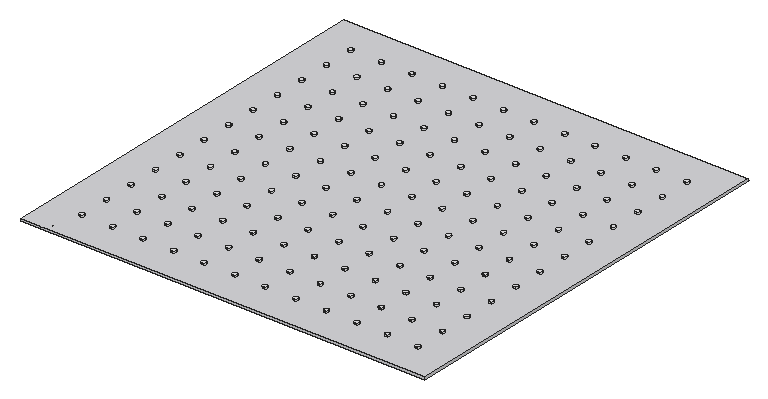
Revit family "Shower-Showerhead-KOHLER-Katalyst-K-9301M_1", category Plumbing Fixtures, host Face, Revit 2017 (continued)
Definition of nested family "K-9301M"
  Lines and regions (in)
    symbolic lines, detail levels medium+fine
      curve 288: arc (6.1952, -0.56971, 0) -> (6.27901, -0.65352, 0) -> (6.36283, -0.56971, 0) r 0.08381
      curve 289: line (-0.72431, 0, 2.06693) -> (0, 0, 2.06693)
      curve 290: line (0, 0, 2.06693) -> (0.72431, 0, 2.06693)
      curve 291: line (-0.46987, 0, 0.64317) -> (0.46987, 0, 0.64317)
      curve 292: line (-0.33902, 0, 0.75765) -> (0.33902, 0, 0.75765)
      curve 293: line (-0.33153, 0, 0.86477) -> (0.33153, 0, 0.86477)
      curve 294: line (-0.68898, 0, 0.98819) -> (0, 0, 0.98819)
      curve 295: line (0, 0, 0.98819) -> (0.68915, 0, 0.98819)
      curve 296: line (-7.55906, 0, 2.32283) -> (7.55906, 0, 2.32283)
      curve 297: line (7.55906, 0, 2.40159) -> (-7.55906, 0, 2.40159)
      curve 298: line (0, -6.8731, 2.06693) -> (0, 6.8731, 2.06693)
      curve 299: line (0, 0.20386, 1.46462) -> (0, -0.20426, 1.46462)
      curve 300: line (0, 0.20386, 0.98819) -> (0, 0.20386, 1.46462)
      curve 301: line (0, -0.20426, 1.46462) -> (0, -0.20426, 0.98819)
      curve 302: line (0, -0.7185, 0.98819) -> (0, 0.7185, 0.98819)
      curve 303: arc (0, -0.19852, 0.16897) -> (0, 0, 0.12746) -> (0, 0.19852, 0.16897) r 0.49544
      curve 304: line (0, 0.19852, 0.16897) -> (0, 0.19852, 0.53681)
      curve 305: arc (0, 0.19852, 0.53681) -> (0, 0.18724, 0.58248) -> (0, 0.15601, 0.61766) r 0.09816
      curve 306: arc (0, 0.15601, 0.61766) -> (0, 0.08169, 0.65443) -> (0, 0, 0.66867) r 0.29005
      curve 307: arc (0, 0, 0.66867) -> (0, -0.08169, 0.65443) -> (0, -0.15601, 0.61766) r 0.29005
      curve 308: arc (0, -0.15601, 0.61766) -> (0, -0.18724, 0.58248) -> (0, -0.19852, 0.53681) r 0.09816
      curve 309: line (0, -0.19852, 0.53681) -> (0, -0.19852, 0.16897)
      curve 310: line (0, -7.55906, 2.32283) -> (0, 7.55906, 2.32283)
      curve 311: line (0, 7.55906, 2.40159) -> (0, -7.55906, 2.40159)
      curve 312: line (0, 0.33821, 0.7571) -> (0, -0.33821, 0.7571)
      curve 313: line (0, 0.33821, 0.87181) -> (0, -0.33821, 0.87181)
      curve 314: line (0, 0.19852, 0.53681) -> (0, 0.49606, 0.53681)
      curve 315: line (0, -0.19852, 0.53681) -> (0, -0.49606, 0.53681)
  Dimensions and locks (in)
    level to plane 6 = 2.40159"
    plane 7 to plane 8 = 15.11811"
    plane 9 to plane 10 = 15.11811"
    aligned and locked: level to plane 2
